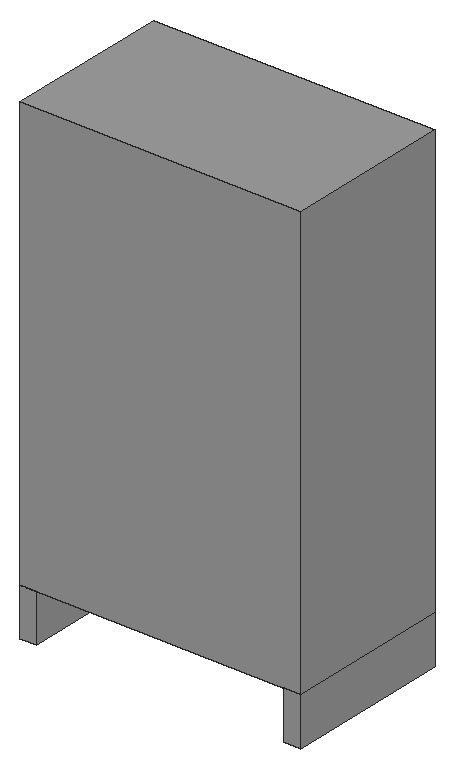
Revit family "SE_Trez_Cabinet", category Electrical Equipment, Revit 2019
Family settings
  Panel Configuration = Two Columns, Circuits Across
  Round Connector Dimension = Use Diameter
  Part Type = Panelboard
  Work Plane-Based = No
  Always vertical = Yes
  Cut with Voids When Loaded = No
  Shared = No
  Room Calculation Point = No
Parameters
  Width = 584 mm
  Depth = 348 mm
  Cabinet Material = TREZ_Steel_Platform
Reference planes
  plane 1 "Center (Front/Back)": y = 0
  plane 2: z = 0
  plane 3 "Center (Left/Right)": x = 0
  plane 4: x = -292
  plane 5: x = 292
  plane 6: y = 174
  plane 7: y = -174
  plane 8: z = 100
  plane 9: z = 1000
  plane 10: x = -257
  plane 11: x = 257
Forms (mm)
  Extrusion 1, solid, material "TREZ_Steel_Platform" <- "Cabinet Material", detail levels fine
    sketch origin (0, 0, 0) x (1, 0, 0) y (0, 1, 0)
      loop
        line (-292, 174) -> (-292, -174) -> (292, -174) -> (292, 174) -> (-292, 174)
    from 100 to 1000
  Extrusion 2, solid, material "TREZ_Steel_Platform" <- "Cabinet Material", detail levels fine
    sketch origin (0, 0, 0) x (1, 0, 0) y (0, 1, 0)
      loop
        line (-257, 174) -> (-292, 174) -> (-292, -174) -> (-257, -174) -> (-257, 174)
      loop
        line (257, 174) -> (257, -174) -> (292, -174) -> (292, 174) -> (257, 174)
    from 0 to 100
  Extrusion 3, solid, detail levels coarse+medium
    sketch origin (0, 0, 0) x (1, 0, 0) y (0, 1, 0)
      loop
        line (-292, 174) -> (-292, -174) -> (292, -174) -> (292, 174) -> (-292, 174)
    from 0 to 1000
Lines and regions (mm)
  symbolic lines
    curve 1: line (-292, 174, 0) -> (292, 174, 0)
    curve 2: line (-292, -174, 0) -> (-292, 174, 0)
    curve 3: line (292, -174, 0) -> (-292, -174, 0)
    curve 4: line (292, 174, 0) -> (292, -174, 0)
Dimensions and locks
  equal spacing: plane 4, plane 3 "Center (Left/Right)", plane 5
  "Width": plane 4 to plane 5
  equal spacing: plane 7, plane 1 "Center (Front/Back)", plane 6
  "Depth": plane 7 to plane 6
  plane 9 to plane 8 to plane 2 = 900 mm locked, 100 mm locked
  aligned and locked: level to plane 2
  aligned and locked: plane 6 to Extrusion 1 sketch curve
  aligned and locked: plane 4 to Extrusion 1 sketch curve
  aligned and locked: plane 7 to Extrusion 1 sketch curve
  aligned and locked: plane 5 to Extrusion 1 sketch curve
  aligned and locked: plane 9 to Extrusion 1
  aligned and locked: Extrusion 1 to plane 8
  aligned and locked: Extrusion 2 sketch curve to plane 6
  aligned and locked: plane 10 to Extrusion 2 sketch curve
  aligned and locked: Extrusion 2 sketch curve to Extrusion 1  (x4)
  aligned and locked: plane 6 to Extrusion 2 sketch curve
  aligned and locked: Extrusion 2 sketch curve to plane 11
  aligned and locked: plane 8 to Extrusion 2
  aligned and locked: Extrusion 2 to level
  aligned and locked: Extrusion 3 sketch curve to Extrusion 1  (x4)
  aligned and locked: Extrusion 3 to plane 2
  aligned and locked: plane 9 to Extrusion 3
  aligned and locked: curve 1 to Extrusion 1
  aligned and locked: curve 2 to Extrusion 1
  aligned and locked: curve 3 to Extrusion 1
  aligned and locked: curve 4 to Extrusion 1
